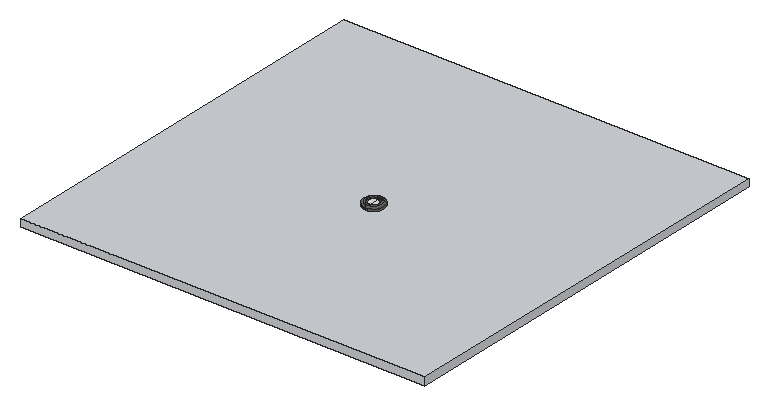
Revit family "P810027-020-30", category Lighting Fixtures, host Face, Revit 2014
Parameters (values of type "P810027-020-30")
  Watts = 12.5 W
  Wattage Comments = "12.5W"
  Wattage = 12.5 W
  Warranty = "5 years Warranty"  # constant formula
  built-in parameter 1150110 = 1 (stored number, unit not read)
  Voltage = 120 V
  URL = "https://www.hubbell.com/progresslighting/en"
  built-in parameter 1114217 = 1 (stored number, unit not read)
  Tilt Angle = -90.00°
  built-in parameter 1150109 = 1 (stored number, unit not read)
  built-in parameter 1150134 = 3
  built-in parameter 1150113 = 1 (stored number, unit not read)
  Product Link = "https://www.hubbell.com/progresslighting/en/Products/Lighting-Controls/Residential-Indoor-Lighting/New-Indoor-Products/5-12-Emblem-Collection-Surface-Mount-LED-in-Antique-Bronze/p/4035375"
  Product Documentation Link = "https://hubbellcdn.com/specsheet/PROG_P810027-020-30_spec.pdf"
  Power Factor = 1
  Photometric Web File = "generic.ies"
  Model = "P810027-020-30"  # constant formula
  Manufacturer = "Progress Lighting"  # constant formula
  built-in parameter 1150105 = 79.577 (stored number, unit not read)
  Lumens = 1000 lm
  built-in parameter 1150115 = 1 (stored number, unit not read)
  Load Classification = Lighting
  built-in parameter 1150137 = (empty or 0)
  built-in parameter 1150139 = (empty or 0)
  Glass = Paint - Hubbell - White Texture
  Width = 5.50"
  built-in parameter 1150112 = 1 (stored number, unit not read)
  built-in parameter 1150114 = 1 (stored number, unit not read)
  Lamp = "LED"  # constant formula
  built-in parameter 1150132 = (empty or 0)
  built-in parameter 1150102 = (empty or 0)
  built-in parameter 1150107 = 3200 (stored number, unit not read)
  built-in parameter 1150138 = (empty or 0)
  built-in parameter 1150106 = 0.79577 (stored number, unit not read)
  Housing Material = Paint - Hubbell - Textured Camera Black
  Fixture distribution = "Direct"  # constant formula
  Features = "• Diffused polycarbonate lens\r\n• Integrated AC LED technology 3000K, 90 CRI, 750 lumens (delivered)\r\n• Die-cast aluminum construction with a powder coat paint finish\r\n• Diffused polycarbonate lens controls direct glare from the LEDs\r\n• Lumen output and distribution comparable to a 65W incandescent lamp\r\n• Dimmable to 10% brightness with many Electronic Low Voltage (ELV) & Forward Phase\r\n(TRIAC) dimmers\r\n• Bronze Finish\r\n• CSA Listed for Wet Location applications\r\n• Fixture installs to 4” Octagon metallic junction boxes, 4” Round non-metallic junction boxes\r\nand 4” x 1/2” round ceiling pan junction box.\r\n• 50,000 hour rated lifetime\r\n• Dimmable to 10% brightness (See Dimming Notes)\r\n• Mounting strap for outlet box included\r\n• 6 in of wire supplied"  # constant formula
  Height = 15.00"
  built-in parameter 1150104 = 7.4322 (stored number, unit not read)
  Dimming Lamp Color Temperature Shift = <None>
  Description = "Revel in the brilliant combination of easy installation and a sleek, modern\r\nlighting aesthetic offered by our Emblem Surface Mount LED Collection. A\r\nsymbol of clean, classic designs with smooth, eye-appealing curvature, Emblem provides you with familiar lighting shapes and functional features\r\nengineered for both outstanding performance and unparalleled longevity. An\r\nexcellent choice for general ambient lighting, each polished design features a\r\nsmooth, slightly tapered trim ring surrounding a single, integrated LED light\r\nsource. Each trim ring is available in two different sizes and finishes to help\r\nmeet your unique design needs. Enjoy the unmatched level of glare control offered by the fixture’s diffused polycarbonate lens that also hides any\r\nunwanted LED pixilation. Each light fixture is home to an integrated AC LED\r\nlight engine that seamlessly installs to a variety of ceiling pan junction boxes\r\nto give you added flexibility when it comes to creating your design vision.\r\nThe surface mount will also satiate the cravings of any environmentally-aware\r\nand cost-savvy buyer with the fixture’s long-lasting, 50,000-hour LED life\r\nspan and 80% energy savings."  # constant formula
  Default Elevation = 48.00"
  Copyright = " ©2020 Progress Lighting, a division of Hubbell Lighting, Inc"  # constant formula
  Contact = "https://www.hubbell.com/progresslighting/en/contactUs"
  Connector Description = "Lighting Connector"  # constant formula
  Color Filter = 16777215
  built-in parameter 1114218 = 1 (stored number, unit not read)
  built-in parameter 1150133 = 10 (stored number, unit not read)
  Assembly Code = "D5020200"
  Apparent Load = Watts / Power Factor  # 12.5 VA
Reference planes (in)
  plane 1 "Center (Front/Back)": y = 0
  plane 2: z = 0.5561
  plane 3 "Center (Left/Right)": x = 0
  plane 4: x = -2.75
  plane 5: x = 2.75
  plane 6: z = 14.5561
  plane 7: z = 3.3061
  plane 8: y = -5.5
  plane 9: y = 5.5
Forms (in)
  Extrusion 1, solid
    sketch origin (0, 0, 0) x (1, 0, 0) y (0, 1, 0)
      loop
        line (-48, 48) -> (-48, -48) -> (48, -48) -> (48, 48) -> (-48, 48)
    from 0.5561 to -1.25
  Revolve 2, solid, material "Paint - Hubbell - Textured Camera Black" <- "Housing Material"
    sketch origin (0, -3.125, -0.36855) x (0, 1, 0) y (0, 0, 1)
      loop
        line (0, 0.92465) -> (0, 1.51161) -> (-1.28035, 1.51161)
        arc (-1.28035, 1.51161) -> (-1.43113, 1.5533) -> (-1.49686, 1.69524) r 0.18613
        line (-1.49686, 1.69524) -> (-1.49686, 1.73715) -> (-2.02108, 1.73715)
        arc (-2.02108, 1.73715) -> (-2.27134, 1.63349) -> (-2.375, 1.38323) r 0.35392
        line (-2.375, 1.38323) -> (-2.375, 0.92465) -> (0, 0.92465)
      axis (0, 1.73715) -> (0, 0.92465)
    angle from 0 to 360
  Revolve 3, solid, material "Paint - Hubbell - White Texture" <- "Glass"
    sketch origin (0, 1.6875, -0.28125) x (0, 1, 0) y (0, 0, 1)
      loop
        line (-6.09285, 1.42432) -> (-4.82889, 1.42432) -> (-4.82889, 1.46102) -> (-6.09285, 1.46102) -> (-6.09285, 1.42432)
      axis (-4.82889, 1.42432) -> (-4.82889, 1.46369)
    angle from 0 to 360
Dimensions and locks (in)
  "Width": plane 4 to plane 5
  equal spacing: plane 4, plane 3 "Center (Left/Right)", plane 5
  aligned and locked: plane 2 to Extrusion 1
Automatic sketch dimensions
  Extrusion 1 sketch curve to Extrusion 1 sketch curve = 96.00"  (x2)
  Revolve 2 sketch curve to plane 8 = 0.00"
  Revolve 2 sketch curve to plane 2 = 0.00"
  Revolve 2 sketch curve to Revolve 2 sketch curve = 0.35392"
  Revolve 2 sketch curve to Revolve 2 sketch curve = 0.52422"
  Revolve 2 sketch curve to Revolve 2 sketch curve = 0.18613"
  Revolve 2 sketch curve to Revolve 2 sketch curve = 0.03038"
  Revolve 2 sketch curve to Revolve 2 sketch curve = 0.45858"
  Revolve 2 sketch curve to Revolve 2 sketch curve = 0.22553"
  Revolve 2 sketch curve to Revolve 2 sketch curve = 1.28035"
  Revolve 2 sketch curve to plane 8 = 2.375"
  Revolve 2 sketch curve to level = 24.36855"
  plane 6 to Revolve 2 sketch curve = 24.61983"
  Revolve 3 sketch curve to plane 8 = 1.09465"
  plane 2 to Revolve 3 sketch curve = 0.58697"
  Revolve 3 sketch curve to Revolve 3 sketch curve = 1.26396"
  Revolve 3 sketch curve to plane 7 = 0.42265"
  Revolve 3 sketch curve to Revolve 3 sketch curve = 0.00"
  Revolve 3 sketch curve to Revolve 3 sketch curve = 0.03671"
  Revolve 3 sketch curve to Revolve 3 sketch curve = 0.36441"
Connectors (in)
  electrical at (0, -3.125, 1.3686), driven by "Load Classification", driven by "Voltage", driven by "Apparent Load", driven by "Power Factor", driven by "Connector Description"
    settings: on Revolve 2, index 1, voltage 120 V, apparent load 12.5 VA, apparent load phase1 0 VA, apparent load phase2 0 VA, apparent load phase3 0 VA, power factor 1, load classification "Lighting", number of poles 1, system type 30, power factor state 1, is connector primary yes, connector utility no, sub classification motor no, connector description "Lighting Connector"
